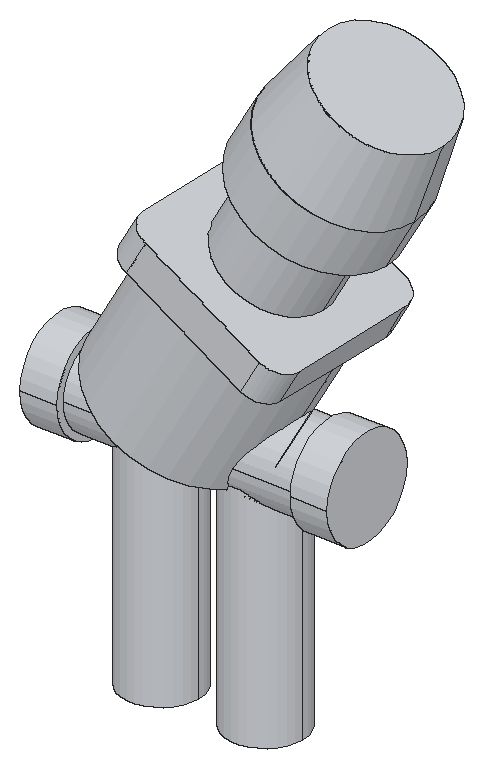
Revit family "OPTIMA_Compact_Plus_MM_DN10_5,0_RFA_2019", category Pipe Accessories, Revit 2019
Family settings
  Round Connector Dimension = Use Diameter
  Part Type = Valve - Breaks Into
  Work Plane-Based = No
  Always vertical = Yes
  Cut with Voids When Loaded = No
  Shared = No
Parameters (values of type "OPTIMA Compact Plus DN10 M-M 5.0mm")
  magiProductId = "05e83065d4b14c0ea9b5a56fcd5d4f"
  magiProductFamilyId = "3f7bf62c6d3e4202b9bf465282540d"
  magiPartTypeId = 304
  isMeasuringValve [instance] = no
  ang2D [instance] = 0.00°
  Z = 0 mm
  X = 7 mm
  W2D = 32 mm
  VersionID = "2.0/2018.8.28.1/FRESE_OPTIMA-COMPACT-MM_001"
  Use Minimum Symbol Size [instance] = yes
  URL = "www.hydronix.cz"
  Type Comments = "vnější závit; PN25; 0~120°C, s měřením"
  R9 = 8 mm
  R8 = 14 mm
  R7 = 17 mm
  R6 = 12 mm
  R5 = 5 mm
  R4 = 19 mm
  R3 = 19 mm
  R2 = 9 mm
  R1 = 10.5 mm
  QmdConnectorList = "301;D;302;D"
  Productdata [instance] = ""
  PLG0 = yes
  Manufacturer = "Hydronix"
  MC Product Code = "53-1329  (1/2\" M-M; 5.0mm; Qmin-dpmin 65l/h-14.6kPa; Qmax-dpmin 370l/h-17.2kPa; dpmax 800kPa)"
  MC Piping Given Pressure Drop [instance] = 0.0 Pa
  LL = 32.5 mm
  L3 = 11 mm
  L2D_Min = 3048 mm
  L2D = 104 mm
  L2 = 49.4 mm
  L1__ve = -L1  # -7.8 mm
  L1 = 7.8 mm
  H6__ve = -H6  # -52.5 mm
  H6 = 52.5 mm
  H5 = 17 mm
  H4 = 12 mm
  H3 = 18 mm
  H2 = 8 mm
  H1 = 30 mm
  Description = "Tlakově nezávislý 2-cestný regulační vyvažovací ventil (PICV)"
  D = 10 mm
  A = 30.00°
Types (8, lengths in mm): name | magiProductId | Z | X | R4 | R3 | R2 | R1 | MC Product Code | LL | L3 | L2 | L1__ve | L1 | H6__ve | H6 | H5 | H3 | H2 | H1 | D
  OPTIMA Compact Plus DN32 M-M 5.5mm | "ffa5e363716249e69711c5a01860df" | 1 | 13 | 29 | 31.5 | 22 | 24 | "53-1333  (6/4\" M-M; 5.5mm; Qmin-dpmin 550l/h-17.9kPa; Qmax-dpmin 4001l/h-28.0kPa; dpmax 800kPa)" | 52 | 12.5 | 79.04 | -12.48 | 12.48 | -66 | 66 | 20 | 16 | 10 | 46 | 32
  OPTIMA Compact Plus DN15 M-M 2.5mm | "744f5c1a8b784a0caf7e95e8856504" | 0 | 7 | 19 | 19 | 12 | 13 | "53-1324  (3/4\" M-M; 2.5mm; Qmin-dpmin 100l/h-14.9kPa; Qmax-dpmin 575l/h-18.5kPa; dpmax 800kPa)" | 32.5 | 11 | 49.4 | -7.8 | 7.8 | -55 | 55 | 20 | 18 | 8 | 26 | 15
  OPTIMA Compact Plus DN15 M-M 5.0mm | "cc68fe6008154c3392e26a3dfeb2d1" | 0 | 7 | 19 | 19 | 12 | 13 | "53-1325  (3/4\" M-M; 5.0mm; Qmin-dpmin 220l/h-16.0kPa; Qmax-dpmin 1330l/h-21.6kPa; dpmax 800kPa)" | 32.5 | 11 | 49.4 | -7.8 | 7.8 | -55 | 55 | 20 | 18 | 8 | 26 | 15
  OPTIMA Compact Plus DN20 M-M 5.0mm | "af4b706c92c34122b2cf0a056ee45d" | 0 | 10 | 19 | 19 | 13.5 | 16.5 | "53-1328  (1\" M-M; 5.0mm; Qmin-dpmin 220l/h-16.0kPa; Qmax-dpmin 1330l/h-21.6kPa; dpmax 800kPa)" | 35 | 11 | 53.2 | -8.4 | 8.4 | -58.5 | 58.5 | 20 | 18 | 8 | 26 | 20
  OPTIMA Compact Plus DN20 M-M 5.5mm | "3e0f5dc7d8ae4d97894bd6f679fd3a" | 0 | 10 | 19 | 19 | 13.5 | 16.5 | "53-1331  (1\" M-M; 5.5mm; Qmin-dpmin 300l/h-17.8kPa; Qmax-dpmin 1800l/h-40.0kPa; dpmax 800kPa)" | 35 | 11 | 53.2 | -8.4 | 8.4 | -58.5 | 58.5 | 20 | 18 | 8 | 26 | 20
  OPTIMA Compact Plus DN25 M-M 5.5mm | "30c02b6104a34c7a9c49bd2b7417bc" | 0 | 13 | 29 | 31.5 | 18.5 | 21 | "53-1332  (5/4\" M-M; 5.5mm; Qmin-dpmin 600l/h-17.3kPa; Qmax-dpmin 3609l/h-23.0kPa; dpmax 800kPa)" | 52 | 12.5 | 79.04 | -12.48 | 12.48 | -63 | 63 | 20 | 16 | 10 | 43 | 25
  OPTIMA Compact Plus DN10 M-M 2.5mm | "273b30465bdd4e038d4ed21de5046f" | 0 | 7 | 19 | 19 | 9 | 10.5 | "53-1320  (1/2\" M-M; 2.5mm; Qmin-dpmin 30l/h-14.3kPa; Qmax-dpmin 200l/h-15.8kPa; dpmax 800kPa)" | 32.5 | 11 | 49.4 | -7.8 | 7.8 | -52.5 | 52.5 | 17 | 18 | 8 | 30 | 10
  OPTIMA Compact Plus DN10 M-M 5.0mm | "05e83065d4b14c0ea9b5a56fcd5d4f" | 0 | 7 | 19 | 19 | 9 | 10.5 | "53-1329  (1/2\" M-M; 5.0mm; Qmin-dpmin 65l/h-14.6kPa; Qmax-dpmin 370l/h-17.2kPa; dpmax 800kPa)" | 32.5 | 11 | 49.4 | -7.8 | 7.8 | -52.5 | 52.5 | 17 | 18 | 8 | 30 | 10
Reference planes
  plane 1 "Center (Front/Back)": y = 0
  plane 2 "XYPLANE": z = 0
  plane 3 "Center (Left/Right)": x = 0
  plane 4 "267": x = 11
  plane 5 "266": x = -11
  plane 6 "252": through (-607.019, 0, 448.612) normal (0.5, 0, 0.866)
  plane 7 "250": through (-615.519, 0, 433.89) normal (0.5, 0, 0.866)
  plane 8 "248": through (-621.519, 0, 423.497) normal (0.5, 0, 0.866)
  plane 9 "245": through (-630.519, 0, 407.909) normal (0.5, 0, 0.866)
  plane 10 "241": through (352.483, 0, 662.519) normal (0.866, 0, -0.5)
  plane 11 "240": through (385.392, 0, 643.519) normal (0.866, 0, -0.5)
  plane 12 "239": y = -19
  plane 13 "238": y = 19
  plane 14 "237": through (-634.519, 0, 400.981) normal (0.5, 0, 0.866)
  plane 15 "235": through (-649.519, 0, 375) normal (0.5, 0, 0.866)
  plane 16 "231": y = 0
  plane 17 "230": through (368.938, 0, 653.019) normal (0.866, 0, -0.5)
  plane 18 "211": x = -24.7
  plane 19 "204": x = 32.5
  plane 20 "203": x = -32.5
  plane 21 "202": x = 0
  plane 22 "201": z = 0
  plane 23 "200": y = 0
  plane 24 "227XY": through (-649.519, 0, 375) normal (0.5, 0, 0.866)
  plane 25 "227XZ": y = 0
  plane 26 "227YZ": through (375, 0, 649.519) normal (0.866, 0, -0.5)
Forms (mm)
  Extrusion 1, solid, visible <- "PLG0"
    sketch origin (-750, 0, 0) x (1, 0, 0) y (0, 1, 0)
      loop
        circle (761, 0) r 8
    from 0 to -52.5 <- "H6__ve"
  Extrusion 2, solid, visible <- "PLG0"
    sketch origin (-750, 0, 0) x (1, 0, 0) y (0, 1, 0)
      loop
        circle (739, 0) r 8
    from 0 to -52.5 <- "H6__ve"
  Blend 3, solid
    base sketch origin (-615.519, 0, 433.89) x (0.866025, 0, -0.5) y (0, 1, 0)
      loop
        circle (743, 0) r 17
    top sketch origin (-615.519, 0, 433.89) x (0.866025, 0, -0.5) y (0, 1, 0)
      loop
        circle (743, 0) r 14
    from 0 to 17
  Extrusion 4, solid
    sketch origin (-621.519, 0, 423.497) x (0.866025, 0, -0.5) y (0, 1, 0)
      loop
        circle (743, 0) r 17
    from 0 to 12 <- "H4"
  Extrusion 5, solid
    sketch origin (-630.519, 0, 407.909) x (0.866025, 0, -0.5) y (0, 1, 0)
      loop
        circle (743, 0) r 12
    from 0 to 18 <- "H3"
  Extrusion 6, solid
    sketch origin (-634.519, 0, 400.981) x (0.866025, 0, -0.5) y (0, 1, 0)
      loop
        arc (729, 19) -> (725.464, 17.536) -> (724, 14) r 5
        line (724, 14) -> (724, -14)
        arc (724, -14) -> (725.464, -17.536) -> (729, -19) r 5
        line (729, -19) -> (757, -19)
        arc (757, -19) -> (760.536, -17.536) -> (762, -14) r 5
        line (762, -14) -> (762, 14)
        arc (762, 14) -> (760.536, 17.536) -> (757, 19) r 5
        line (757, 19) -> (729, 19)
    from 0 to 8 <- "H2"
  Extrusion 7, solid
    sketch origin (-649.519, 0, 375) x (0.866025, 0, -0.5) y (0, 1, 0)
      loop
        circle (743, 0) r 19
    from 0 to 30 <- "H1"
  Extrusion 8, solid
    sketch origin (-24.7, -750, 0) x (0, 1, 0) y (0, 0, 1)
      loop
        circle (750, 0) r 9
    from 0 to 49.4 <- "L2"
  Extrusion 9, solid
    sketch origin (32.5, -750, 0) x (0, 1, 0) y (0, 0, 1)
      loop
        circle (750, 0) r 10.5
    from 0 to -7.8 <- "L1__ve"
  Extrusion 10, solid
    sketch origin (-32.5, -750, 0) x (0, 1, 0) y (0, 0, 1)
      loop
        circle (750, 0) r 10.5
    from 0 to 7.8 <- "L1"
  Extrusion 11, solid, not visible
    sketch origin (32.5, -750, 0) x (0, 1, 0) y (0, 0, 1)
      loop
        circle (750, 0) r 10
    from 0 to -10
  Extrusion 12, solid, not visible
    sketch origin (-32.5, -750, 0) x (0, 1, 0) y (0, 0, 1)
      loop
        circle (750, 0) r 10
    from 0 to 10
Lines and regions (mm)
  reference lines, not visible
    curve 1: circle (2, 2, 0) r 1 normal (0, 0, 1)
Text (mm)
  text "© Progman Oy, all rights reserved" at (-472.209, -2482.653, 0), in view "Ref. Level"
Dimensions and locks
  plane 1 "Center (Front/Back)" to curve 1 = 2 mm
  "L3": plane 3 "Center (Left/Right)" to plane 4 "267"
  "L3": plane 3 "Center (Left/Right)" to plane 5 "266"
  "H5": plane 7 "250" to plane 6 "252"
  "H4": plane 8 "248" to plane 7 "250"
  "H3": plane 9 "245" to plane 8 "248"
  "H2": plane 14 "237" to plane 9 "245"
  "R4": plane 17 "230" to plane 10 "241"
  "R4": plane 17 "230" to plane 11 "240"
  "R4": plane 23 "200" to plane 12 "239"
  "R4": plane 23 "200" to plane 13 "238"
  "H1": plane 15 "235" to plane 14 "237"
  "Z": plane 24 "227XY" to plane 15 "235"
  locked: plane 23 "200" to plane 16 "231"
  "X": plane 26 "227YZ" to plane 17 "230"
  "L1": plane 20 "203" to plane 18 "211"
  "LL": plane 3 "Center (Left/Right)" to plane 19 "204"
  "LL": plane 3 "Center (Left/Right)" to plane 20 "203"
  locked: plane 3 "Center (Left/Right)" to plane 21 "202"
  locked: plane 2 "XYPLANE" to plane 22 "201"
  locked: plane 1 "Center (Front/Back)" to plane 23 "200"
  Extrusion 6 sketch curve to Extrusion 6 sketch curve = 0 mm  (x16)
  "R9": radius of Extrusion 1 sketch curve
  "R9": radius of Extrusion 2 sketch curve
  "R8": radius of Blend 3 sketch curve
  "R7": radius of Blend 3 sketch curve
  "R7": radius of Extrusion 4 sketch curve
  "R6": radius of Extrusion 5 sketch curve
  "R5": radius of Extrusion 6 sketch curve  (x4)
  "R3": radius of Extrusion 7 sketch curve
  "R2": radius of Extrusion 8 sketch curve
  "R1": radius of Extrusion 9 sketch curve
  "R1": radius of Extrusion 10 sketch curve
  aligned and locked: level to plane 2 "XYPLANE"
  aligned and locked: plane 4 "267" to Extrusion 1 sketch curve
  aligned and locked: plane 23 "200" to Extrusion 1 sketch curve
  aligned and locked: plane 5 "266" to Extrusion 2 sketch curve
  aligned and locked: plane 23 "200" to Extrusion 2 sketch curve
  aligned and locked: plane 16 "231" to Blend 3 sketch curve  (x2)
  aligned and locked: Blend 3 sketch curve to plane 17 "230"  (x2)
  aligned and locked: plane 6 "252" to Blend 3
  aligned and locked: plane 16 "231" to Extrusion 4 sketch curve
  aligned and locked: Extrusion 4 sketch curve to plane 17 "230"
  aligned and locked: plane 16 "231" to Extrusion 5 sketch curve
  aligned and locked: Extrusion 5 sketch curve to plane 17 "230"
  aligned and locked: Extrusion 6 sketch curve to plane 10 "241"
  aligned and locked: Extrusion 6 sketch curve to plane 12 "239"
  aligned and locked: Extrusion 6 sketch curve to plane 11 "240"
  aligned and locked: plane 13 "238" to Extrusion 6 sketch curve
  aligned and locked: plane 16 "231" to Extrusion 7 sketch curve
  aligned and locked: Extrusion 7 sketch curve to plane 17 "230"
  aligned and locked: plane 22 "201" to Extrusion 8 sketch curve
  aligned and locked: Extrusion 8 sketch curve to plane 23 "200"
  aligned and locked: plane 22 "201" to Extrusion 9 sketch curve
  aligned and locked: Extrusion 9 sketch curve to plane 23 "200"
  aligned and locked: plane 22 "201" to Extrusion 10 sketch curve
  aligned and locked: Extrusion 10 sketch curve to plane 23 "200"
  aligned and locked: plane 22 "201" to Extrusion 11 sketch curve
  aligned and locked: Extrusion 11 sketch curve to plane 23 "200"
  aligned and locked: plane 22 "201" to Extrusion 12 sketch curve
  aligned and locked: Extrusion 12 sketch curve to plane 23 "200"
Automatic sketch dimensions
  plane 1 "Center (Front/Back)" to Extrusion 11 sketch curve = 10 mm
  plane 1 "Center (Front/Back)" to Extrusion 12 sketch curve = 10 mm
  plane 3 "Center (Left/Right)" to curve 1 = 2 mm
  radius of curve 1 = 1 mm
Connectors
  piping at (-32.5, 0, 0), diameter 10, driven by "D"
    settings: on Extrusion 12, index 1, connector inside diameter 609.6 mm, connector length 0 mm, flow factor 0, pipe flow 0.0 L/s, pressure drop 0.0 Pa, fitting loss kfactor 0, connector angle 0.00°, fixture units 0, engagement length 0 mm, angle of deflection 0.00°, flow configuration 0, flow direction 0, fitting loss method 0, system type 29, joint type 0, gender type 0, connector reference index 2, connector utility 0, adjustable connector no, is connector primary yes, connector description ""
  piping at (32.5, 0, 0), diameter 10, driven by "D"
    settings: on Extrusion 11, index 2, connector inside diameter 609.6 mm, connector length 0 mm, flow factor 0, pipe flow 0.0 L/s, pressure drop 0.0 Pa, fitting loss kfactor 0, connector angle 0.00°, fixture units 0, engagement length 0 mm, angle of deflection 0.00°, flow configuration 0, flow direction 0, fitting loss method 0, system type 29, joint type 0, gender type 0, connector reference index 1, connector utility 0, adjustable connector no, is connector primary no, connector description ""
